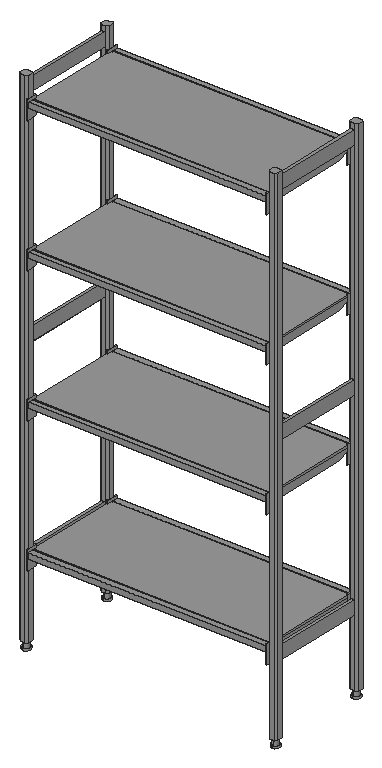
Revit family "QF_ELECTROLUXPROFESSIONAL_137011_ALS862", category Attrezzature speciali, Revit 2020
Family settings
  Quota connettore circolare = Usa diametro
  Tipo di parte = Normale
  Basato su piano di lavoro = No
  Sempre verticale = Sì
  Taglio con vuoti quando caricato = No
  Condiviso = No
  Punto di calcolo locali = No
Parameters (values of type "Standard")
  Weight = 17.00 kg
  Watts = 0 W
  Volts = 0 V
  URL Manufacturer = "https://www.electroluxprofessional.com/"
  URL = "https://www.electroluxprofessional.com/"
  Steam Supply Size = 0 mm
  Steam Supply Minimum Pressure = 0.0 Pa
  Steam Supply Maximum Pressure = 0.0 Pa
  Steam Consumption per Hour = 0
  Refrigeration Suction Line Size = 0.0 mm
  Refrigeration Liquid Line Size = 0.0 mm
  Refrigerant Compressor Remote = yes
  Prospetto di default = 0.0 mm
  Phase = 0
  Modello = "ALS862"
  Produttore = "Electrolux Professional"
  Length Actual = 862.0 mm  # constant formula
  Item Number = "137011"
  Hot Water Size = 0 mm
  Height Actual = 1700.0 mm  # constant formula
  HP = "0 HP"
  Gas Size = 0 mm
  Gas KW = 0
  Gas Input Pressure = 0 W
  Direct Waste Size = 0 mm
  Descrizione = "ALUM.LINEAR SHELV.-POLY.TIERS-373X862MM"
  Depth Actual = 373.0 mm  # constant formula
  Cycle = 0 Hz
  Condensate Return Size = 0 mm
  Compressed Air Volume = 0.0 L/s
  Compressed Air Size = 0 mm
  Compressed Air Pressure = 0.0 Pa
  Cold Water Size = 0 mm
  Accessory = yes
Reference planes
  plane 1: z = 0
  plane 2 "Center (Left/Right)": x = -31
  plane 3 "LEFT": x = -462
  plane 4 "RIGHT": x = 400
  plane 5 "BACK": y = 23
  plane 6 "FRONT": y = -350
  plane 7 "TOP": z = 1700
  plane 8: x = 395
  plane 9: x = -430
  plane 10: x = 368
  plane 11 "Center (Front/Back)": y = -163.5
  plane 12: x = 363
  plane 13: y = -8.5
  plane 14: y = -318.5
  plane 15 "FEET": z = 25
  plane 16: z = 275
  plane 17: z = 725
  plane 18: z = 1175
  plane 19: z = 1625
  plane 20 "CXLeft": x = -448
  plane 21 "CXRight": x = 386
  plane 22: y = 5.5
  plane 23 "CYBack": y = 5.5
  plane 24 "CYFront": y = -332.5
Forms (mm)
  Extrusion 1, solid, material "QF_Aluminum"
    sketch origin (-462, 0, 0) x (0, 1, 0) y (0, 0, 1)
      loop
        line (4, 1650.994) -> (4, 1632.998) -> (23, 1632.998) -> (23, 1650.994) -> (4, 1650.994)
      loop
        line (-331, 1650.994) -> (-350, 1650.994) -> (-350, 1632.998) -> (-331, 1632.998) -> (-331, 1650.994)
      loop
        line (4, 1200.994) -> (4, 1182.998) -> (23, 1182.998) -> (23, 1200.994) -> (4, 1200.994)
      loop
        line (-331, 1200.994) -> (-350, 1200.994) -> (-350, 1182.998) -> (-331, 1182.998) -> (-331, 1200.994)
      loop
        line (4, 750.994) -> (4, 732.998) -> (23, 732.998) -> (23, 750.994) -> (4, 750.994)
      loop
        line (-331, 750.994) -> (-350, 750.994) -> (-350, 732.998) -> (-331, 732.998) -> (-331, 750.994)
      loop
        line (4, 300.994) -> (4, 282.998) -> (23, 282.998) -> (23, 300.994) -> (4, 300.994)
      loop
        line (-331, 300.994) -> (-350, 300.994) -> (-350, 282.998) -> (-331, 282.998) -> (-331, 300.994)
    from 32 to 830
  Extrusion 2, solid, material "QF_Polyethylene"
    sketch origin (-462, 0, 0) x (0, 1, 0) y (0, 0, 1)
      loop
        line (2.007, 1650.994) -> (-329, 1650.994) -> (-329, 1644.496) -> (2.007, 1644.496) -> (2.007, 1650.994)
      loop
        line (2.007, 1200.994) -> (-329, 1200.994) -> (-329, 1194.496) -> (2.007, 1194.496) -> (2.007, 1200.994)
      loop
        line (2.007, 750.994) -> (-329, 750.994) -> (-329, 744.496) -> (2.007, 744.496) -> (2.007, 750.994)
      loop
        line (2.007, 300.994) -> (-329, 300.994) -> (-329, 294.496) -> (2.007, 294.496) -> (2.007, 300.994)
    from 32 to 830
  Extrusion 3, solid, material "QF_Aluminum"
    sketch origin (400, 0, 0) x (0, 1, 0) y (0, 0, 1)
      loop
        line (-12, 1632.998) -> (4, 1632.998) -> (4, 1650.994) -> (2.007, 1650.994) -> (2.007, 1644.496) -> (-329, 1644.496) -> (-329, 1650.994) -> (-331, 1650.994) -> (-331, 1632.998) -> (-315, 1632.998) -> (-281, 1620.994) -> (-46, 1620.994) -> (-12, 1632.998)
      loop
        line (-12, 1182.998) -> (4, 1182.998) -> (4, 1200.994) -> (2.007, 1200.994) -> (2.007, 1194.496) -> (-329, 1194.496) -> (-329, 1200.994) -> (-331, 1200.994) -> (-331, 1182.998) -> (-315, 1182.998) -> (-281, 1170.994) -> (-46, 1170.994) -> (-12, 1182.998)
      loop
        line (-12, 732.998) -> (4, 732.998) -> (4, 750.994) -> (2.007, 750.994) -> (2.007, 744.496) -> (-329, 744.496) -> (-329, 750.994) -> (-331, 750.994) -> (-331, 732.998) -> (-315, 732.998) -> (-281, 720.994) -> (-46, 720.994) -> (-12, 732.998)
      loop
        line (-12, 282.998) -> (4, 282.998) -> (4, 300.994) -> (2.007, 300.994) -> (2.007, 294.496) -> (-329, 294.496) -> (-329, 300.994) -> (-331, 300.994) -> (-331, 282.998) -> (-315, 282.998) -> (-281, 270.994) -> (-46, 270.994) -> (-12, 282.998)
    from -32 to -37
Lines and regions (mm)
  symbolic lines
    curve 1: line (368, 4, 1700) -> (-430, 4, 1700)
    curve 2: line (-434, 23, 1700) -> (372, 23, 1700)
    curve 3: line (372, 13.246, 1700) -> (378.254, 19.5, 1700)
    curve 4: line (378.254, -8.5, 1700) -> (372, -2.246, 1700)
    curve 5: line (378.254, -318.5, 1700) -> (372, -324.754, 1700)
    curve 6: line (-434, -350, 1700) -> (372, -350, 1700)
    curve 7: line (372, 23, 1700) -> (372, -12.993, 1700)
    curve 8: line (372, -12.993, 1700) -> (368, -12.993, 1700)
    curve 9: line (372, -350, 1700) -> (372, -314.007, 1700)
    curve 10: line (372, -314.007, 1700) -> (368, -314.007, 1700)
    curve 11: line (-430, -12.993, 1700) -> (-430, -314.007, 1700)
    curve 12: line (-430, -331, 1700) -> (368, -331, 1700)
    curve 13: line (368, -12.993, 1700) -> (368, -314.007, 1700)
Dimensions and locks
  locked: plane 3 "LEFT" to plane 4 "RIGHT" at 862
  equal spacing: plane 3 "LEFT", plane 2 "Center (Left/Right)", plane 4 "RIGHT"
  locked: plane 7 "TOP" to level at 1700
  locked: plane 5 "BACK" to plane 6 "FRONT" at 373
  locked: plane 4 "RIGHT" to plane 8 at 5
  locked: plane 9 to plane 10 at 798
  locked: plane 3 "LEFT" to plane 9 at 32
  plane 12 to plane 10 = 5.0 mm
  locked: plane 13 to plane 14 at 310
  equal spacing: plane 13, plane 11 "Center (Front/Back)", plane 14
  equal spacing: plane 5 "BACK", plane 11 "Center (Front/Back)", plane 6 "FRONT"
  plane 15 "FEET" to level = 25.0 mm
  plane 7 "TOP" to plane 15 "FEET" = 1675.0 mm
  plane 16 to plane 15 "FEET" = 250.0 mm
  plane 17 to plane 16 = 450.0 mm
  plane 18 to plane 17 = 450.0 mm
  plane 19 to plane 18 = 450.0 mm
  locked: plane 3 "LEFT" to plane 20 "CXLeft" at 14
  locked: plane 21 "CXRight" to plane 4 "RIGHT" at 14
  locked: plane 5 "BACK" to plane 23 "CYBack" at 17.5
  locked: plane 24 "CYFront" to plane 6 "FRONT" at 17.5
  aligned and locked: level to plane 1
  aligned and locked: plane 9 to Extrusion 2
  aligned and locked: Extrusion 2 to plane 10
  aligned and locked: plane 9 to Extrusion 1
  aligned and locked: Extrusion 1 to plane 10
  aligned and locked: Extrusion 1 sketch curve to Extrusion 1 sketch curve  (x2)
  aligned and locked: Extrusion 3 sketch curve to Extrusion 3 sketch curve  (x3)
  aligned and locked: Extrusion 3 to plane 12
  aligned and locked: Extrusion 3 to plane 10
  aligned and locked: plane 20 "CXLeft" to nested 1
  aligned and locked: plane 21 "CXRight" to nested 2
Automatic sketch dimensions
  Extrusion 1 sketch curve to plane 6 "FRONT" = 0.0 mm  (x4)
  Extrusion 1 sketch curve to plane 5 "BACK" = 0.0 mm  (x4)
  plane 24 "CYFront" to Extrusion 1 sketch curve = 1.5 mm  (x2)
  plane 22 to Extrusion 1 sketch curve = 1.5 mm  (x4)
  plane 16 to Extrusion 1 sketch curve = 7.998 mm  (x2)
  Extrusion 1 sketch curve to Extrusion 1 sketch curve = 17.997 mm  (x8)
  plane 17 to Extrusion 1 sketch curve = 7.998 mm  (x2)
  plane 18 to Extrusion 1 sketch curve = 7.998 mm  (x2)
  plane 19 to Extrusion 1 sketch curve = 7.998 mm  (x2)
  plane 24 "CYFront" to Extrusion 2 sketch curve = 3.5 mm  (x4)
  plane 22 to Extrusion 2 sketch curve = 3.493 mm  (x4)
  plane 16 to Extrusion 2 sketch curve = 19.496 mm
  Extrusion 2 sketch curve to Extrusion 2 sketch curve = 6.499 mm  (x4)
  plane 17 to Extrusion 2 sketch curve = 19.496 mm
  plane 18 to Extrusion 2 sketch curve = 19.496 mm
  plane 19 to Extrusion 2 sketch curve = 19.496 mm
  plane 24 "CYFront" to Extrusion 3 sketch curve = 1.5 mm  (x4)
  Extrusion 3 sketch curve to Extrusion 3 sketch curve = 2.0 mm
  plane 14 to Extrusion 3 sketch curve = 3.5 mm  (x4)
  Extrusion 3 sketch curve to plane 16 = 4.006 mm
  Extrusion 3 sketch curve to Extrusion 3 sketch curve = 34.0 mm  (x4)
  Extrusion 3 sketch curve to plane 17 = 4.006 mm
  Extrusion 3 sketch curve to plane 18 = 4.006 mm
  Extrusion 3 sketch curve to plane 19 = 4.006 mm
  Extrusion 3 sketch curve to plane 13 = 37.5 mm  (x4)
  Extrusion 3 sketch curve to plane 13 = 3.5 mm  (x4)
  plane 22 to Extrusion 3 sketch curve = 3.493 mm  (x4)
  plane 22 to Extrusion 3 sketch curve = 1.5 mm  (x4)
  plane 16 to Extrusion 3 sketch curve = 7.998 mm  (x2)
  Extrusion 3 sketch curve to Extrusion 3 sketch curve = 11.498 mm  (x4)
  Extrusion 3 sketch curve to Extrusion 3 sketch curve = 6.499 mm  (x8)
  plane 17 to Extrusion 3 sketch curve = 7.998 mm  (x2)
  plane 18 to Extrusion 3 sketch curve = 7.998 mm  (x2)
  plane 19 to Extrusion 3 sketch curve = 7.998 mm  (x2)
  curve 6 to plane 6 "FRONT" = 0.0 mm
  curve 12 to plane 9 = 0.0 mm
  curve 12 to plane 10 = 0.0 mm
  curve 5 to plane 14 = 0.0 mm
  curve 11 to plane 9 = 0.0 mm
  curve 8 to plane 10 = 0.0 mm
  curve 4 to plane 13 = 0.0 mm
  curve 1 to plane 9 = 0.0 mm
  curve 1 to plane 10 = 0.0 mm
  curve 2 to plane 5 "BACK" = 0.0 mm
  plane 14 to curve 10 = 4.493 mm
  curve 7 to plane 13 = 4.493 mm
  curve 10 to plane 10 = 4.0 mm
  curve 7 to plane 10 = 4.0 mm
  plane 24 "CYFront" to curve 12 = 1.5 mm
  curve 5 to plane 14 = 6.254 mm
  plane 14 to curve 11 = 4.493 mm
  curve 11 to plane 13 = 4.493 mm
  plane 13 to curve 4 = 6.254 mm
  plane 22 to curve 1 = 1.5 mm
  curve 3 to plane 22 = 7.746 mm
  curve 3 to plane 5 "BACK" = 3.5 mm
  curve 5 to curve 9 = 6.254 mm
  curve 3 to curve 2 = 6.254 mm
  curve 4 to curve 7 = 6.254 mm
  plane 9 to curve 2 = 4.0 mm
  plane 9 to curve 6 = 4.0 mm
Nested families
  nested 1: "WT_Anta373" at (-45, 0, 0), type "WT_Anta373"
  nested 2: "WT_Anta373" at (-17, 0, 0) x (-1, 0, 0) z (0, 0, 1), type "WT_Anta373"
Definition of nested family "WT_Anta373"
  Parameters
    WidthLeft = A + 64.0 mm  # 772.0 mm
    Width = 1606.0 mm
    Right = WidthLeft / 2  # 386.0 mm
    Default Elevation = 0.0 mm
    Left = -WidthLeft / 2  # -386.0 mm
    Height = 1725.0 mm
    FEET = 25.0 mm
    E = 0.0 mm
    Dint = Depth - 63.0 mm  # 310.0 mm
    Dext = Depth - 8.0 mm  # 365.0 mm
    Depth = 373.0 mm
    DX = (WidthLeft - A) / 2  # 32.0 mm
    B = 798.0 mm
    A = 708.0 mm
  Reference planes
    plane 1: z = 0
    plane 2 "LEFT": x = -417
    plane 3 "BACK": y = 23
    plane 4 "FRONT": y = -350
    plane 5 "TOP": z = 1725
    plane 6 "Center (Front/Back)": y = -163.5
    plane 7: y = -8.5
    plane 8: y = -318.5
    plane 9 "FEET": z = 25
    plane 10: z = 275
    plane 11: z = 725
    plane 12: z = 1175
    plane 13: z = 1625
    plane 14 "CXLeft": x = -403
    plane 15: y = 5.5
    plane 16 "CYBack": y = 5.5
    plane 17 "CYFront": y = -332.5
    plane 18: x = -385.031
    plane 19: x = -380.031
  Forms (mm)
    Extrusion 1, solid
      sketch origin (0, 0, 0) x (1, 0, 0) y (0, 1, 0)
        loop
          line (-417, 13.246) -> (-417, -2.246) -> (-410.746, -8.5) -> (-395.254, -8.5) -> (-389, -2.246) -> (-389, 13.246) -> (-395.254, 19.5) -> (-410.746, 19.5) -> (-417, 13.246)
      from 1725 to 25
    Extrusion 2, solid
      sketch origin (-417, 0, 0) x (0, 1, 0) y (0, 0, 1)
        loop
          line (23, 246.005) -> (23, 307.993) -> (-12.993, 307.993) -> (-12.993, 246.005) -> (23, 246.005)
        loop
          line (-350, 246.005) -> (-314.007, 246.005) -> (-314.007, 307.993) -> (-350, 307.993) -> (-350, 246.005)
        loop
          line (23, 696.005) -> (23, 757.993) -> (-12.993, 757.993) -> (-12.993, 696.005) -> (23, 696.005)
        loop
          line (-350, 696.005) -> (-314.007, 696.005) -> (-314.007, 757.993) -> (-350, 757.993) -> (-350, 696.005)
        loop
          line (23, 1146.005) -> (23, 1207.993) -> (-12.993, 1207.993) -> (-12.993, 1146.005) -> (23, 1146.005)
        loop
          line (-350, 1146.005) -> (-314.007, 1146.005) -> (-314.007, 1207.993) -> (-350, 1207.993) -> (-350, 1146.005)
        loop
          line (23, 1596.005) -> (23, 1657.993) -> (-12.993, 1657.993) -> (-12.993, 1596.005) -> (23, 1596.005)
        loop
          line (-350, 1596.005) -> (-314.007, 1596.005) -> (-314.007, 1657.993) -> (-350, 1657.993) -> (-350, 1596.005)
      from 28 to 32
    Revolve 3, solid
      sketch origin (-403, 0, 0) x (0, 1, 0) y (0, 0, 1)
        loop
          line (5.5, 25) -> (5.5, 0) -> (19, 0) -> (19, 5) -> (14, 5) -> (14, 25) -> (5.5, 25)
        axis (5.5, 25) -> (5.5, 0)
      angle from 0 to 360
    Extrusion 4, solid
      sketch origin (-403, 0, 0) x (0, 1, 0) y (0, 0, 1)
        loop
          line (-8.5, 912.382) -> (-8.5, 957.374) -> (-318.5, 957.374) -> (-318.5, 912.382) -> (-8.5, 912.382)
        loop
          line (-8.5, 1662.244) -> (-8.5, 1707.236) -> (-318.5, 1707.236) -> (-318.5, 1662.244) -> (-8.5, 1662.244)
      from -5 to 5
    Revolve 5, solid
      sketch origin (-403, -627, 0) x (0, -1, 0) y (0, 0, 1)
        loop
          line (-294.5, 25) -> (-294.5, 0) -> (-281, 0) -> (-281, 5) -> (-286, 5) -> (-286, 25) -> (-294.5, 25)
        axis (-294.5, 25) -> (-294.5, 0)
      angle from 0 to 360
    Extrusion 6, solid
      sketch origin (0, -627, 0) x (1, 0, 0) y (0, 1, 0)
        loop
          line (-417, 286.754) -> (-410.746, 280.5) -> (-395.254, 280.5) -> (-389, 286.754) -> (-389, 302.246) -> (-395.254, 308.5) -> (-410.746, 308.5) -> (-417, 302.246) -> (-417, 286.754)
      from 1725 to 25
    Extrusion 7, solid
      sketch origin (-417.031, -0.022, 0) x (0, 1, 0) y (0, 0, -1)
        loop
          line (-12, -1632.998) -> (-46, -1620.994) -> (-281, -1620.994) -> (-315, -1632.998) -> (-331, -1632.998) -> (-331, -1650.994) -> (-329, -1650.994) -> (-329, -1644.496) -> (2.007, -1644.496) -> (2.007, -1650.994) -> (4, -1650.994) -> (4, -1632.998) -> (-12, -1632.998)
        loop
          line (-12, -1182.998) -> (-46, -1170.994) -> (-281, -1170.994) -> (-315, -1182.998) -> (-331, -1182.998) -> (-331, -1200.994) -> (-329, -1200.994) -> (-329, -1194.496) -> (2.007, -1194.496) -> (2.007, -1200.994) -> (4, -1200.994) -> (4, -1182.998) -> (-12, -1182.998)
        loop
          line (-12, -732.998) -> (-46, -720.994) -> (-281, -720.994) -> (-315, -732.998) -> (-331, -732.998) -> (-331, -750.994) -> (-329, -750.994) -> (-329, -744.496) -> (2.007, -744.496) -> (2.007, -750.994) -> (4, -750.994) -> (4, -732.998) -> (-12, -732.998)
        loop
          line (-12, -282.998) -> (-46, -270.994) -> (-281, -270.994) -> (-315, -282.998) -> (-331, -282.998) -> (-331, -300.994) -> (-329, -300.994) -> (-329, -294.496) -> (2.007, -294.496) -> (2.007, -300.994) -> (4, -300.994) -> (4, -282.998) -> (-12, -282.998)
      from -32 to -37
    Extrusion 8, solid
      sketch origin (-403, 0, -659.878) x (0, 1, 0) y (0, 0, 1)
        loop
          line (-8.5, 912.382) -> (-8.5, 957.374) -> (-318.5, 957.374) -> (-318.5, 912.382) -> (-8.5, 912.382)
        loop
          line (-8.5, 1572.382) -> (-8.5, 1617.374) -> (-318.5, 1617.374) -> (-318.5, 1572.382) -> (-8.5, 1572.382)
        loop
          line (-8.5, 2322.382) -> (-8.5, 2367.374) -> (-318.5, 2367.374) -> (-318.5, 2322.382) -> (-8.5, 2322.382)
      from -5 to 5
  Lines and regions (mm)
    symbolic lines
      curve 1: line (-408, -8.5, 1725) -> (-408, -318.5, 1725)
      curve 2: line (-398, -318.5, 1725) -> (-398, -8.5, 1725)
      curve 3: line (-395.254, -8.5, 1725) -> (-410.746, -8.5, 1725)
      curve 4: line (-417, -2.246, 1725) -> (-410.746, -8.5, 1725)
      curve 5: line (-417, 13.246, 1725) -> (-417, -2.246, 1725)
      curve 6: line (-410.746, 19.5, 1725) -> (-417, 13.246, 1725)
      curve 7: line (-395.254, 19.5, 1725) -> (-410.746, 19.5, 1725)
      curve 8: line (-389, 13.246, 1725) -> (-395.254, 19.5, 1725)
      curve 9: line (-395.254, -8.5, 1725) -> (-389, -2.246, 1725)
      curve 10: line (-395.254, -318.5, 1725) -> (-410.746, -318.5, 1725)
      curve 11: line (-417, -324.754, 1725) -> (-410.746, -318.5, 1725)
      curve 12: line (-410.746, -346.5, 1725) -> (-417, -340.246, 1725)
      curve 13: line (-395.254, -346.5, 1725) -> (-410.746, -346.5, 1725)
      curve 14: line (-389, -340.246, 1725) -> (-395.254, -346.5, 1725)
      curve 15: line (-395.254, -318.5, 1725) -> (-389, -324.754, 1725)
      curve 16: line (-389, -350, 1725) -> (-389, -314.007, 1725)
      curve 17: line (-389, -314.007, 1725) -> (-385, -314.007, 1725)
      curve 18: line (-389, 23, 1725) -> (-389, -12.993, 1725)
      curve 19: line (-389, -12.993, 1725) -> (-385, -12.993, 1725)
      curve 20: line (-417, -324.754, 1725) -> (-417, -340.246, 1725)
      curve 21: line (-385, -350, 1725) -> (-385, -314.007, 1725)
      curve 22: line (-385, -350, 1725) -> (-389, -350, 1725)
      curve 23: line (-385, 23, 1725) -> (-389, 23, 1725)
      curve 24: line (-385, -12.993, 1725) -> (-385, 23, 1725)
      curve 25: line (-385.031, -13.016, 1725) -> (-385.031, -314.029, 1725)
  Dimensions and locks
    "Height": plane 5 "TOP" to level
    "Depth": plane 3 "BACK" to plane 4 "FRONT"
    "Dint": plane 7 to plane 8
    equal spacing: plane 7, plane 6 "Center (Front/Back)", plane 8
    equal spacing: plane 3 "BACK", plane 6 "Center (Front/Back)", plane 4 "FRONT"
    plane 9 "FEET" to level = 25.0 mm
    plane 5 "TOP" to plane 9 "FEET" = 1700.0 mm
    plane 10 to plane 9 "FEET" = 250.0 mm
    plane 11 to plane 10 = 450.0 mm
    plane 12 to plane 11 = 450.0 mm
    plane 13 to plane 12 = 450.0 mm
    locked: plane 2 "LEFT" to plane 14 "CXLeft" at 14
    locked: plane 3 "BACK" to plane 16 "CYBack" at 17.5
    locked: plane 17 "CYFront" to plane 4 "FRONT" at 17.5
    locked: Revolve 3 sketch curve to Revolve 3 sketch curve at 8.5
    locked: Revolve 3 sketch curve to plane 16 "CYBack" at 13.5
    locked: Revolve 5 sketch curve to Revolve 5 sketch curve at 8.5
    aligned and locked: level to plane 1
    aligned and locked: curve 20 to Extrusion 6
    aligned and locked: plane 5 "TOP" to Extrusion 1
    aligned and locked: plane 5 "TOP" to Extrusion 6
    aligned and locked: Extrusion 7 sketch curve to Extrusion 7 sketch curve  (x3)
  Automatic sketch dimensions
    curve 16 to plane 4 "FRONT" = 0.0 mm
    curve 11 to plane 8 = 0.0 mm
    curve 9 to plane 7 = 0.0 mm
    curve 5 to plane 2 "LEFT" = 0.0 mm
    curve 23 to plane 3 "BACK" = 0.0 mm
    plane 4 "FRONT" to curve 13 = 3.5 mm
    curve 20 to plane 17 "CYFront" = 7.746 mm
    curve 20 to plane 8 = 6.254 mm
    plane 8 to curve 16 = 4.493 mm
    curve 24 to plane 18 = 0.031 mm
    curve 24 to plane 7 = 4.493 mm
    plane 7 to curve 5 = 6.254 mm
    curve 5 to plane 15 = 7.746 mm
    curve 6 to plane 3 "BACK" = 3.5 mm
    curve 21 to plane 18 = 0.031 mm
    plane 18 to curve 23 = 3.969 mm
    plane 18 to curve 16 = 3.969 mm
    curve 18 to curve 8 = 6.254 mm
    curve 18 to curve 3 = 6.254 mm
    curve 16 to curve 13 = 6.254 mm
    curve 16 to curve 15 = 6.254 mm
    plane 2 "LEFT" to curve 10 = 6.254 mm
    plane 2 "LEFT" to curve 7 = 6.254 mm
    plane 2 "LEFT" to curve 12 = 6.254 mm
    plane 2 "LEFT" to curve 3 = 6.254 mm
    curve 14 to plane 17 "CYFront" = 7.746 mm
    curve 15 to plane 8 = 6.254 mm
    plane 7 to curve 9 = 6.254 mm
    curve 8 to plane 15 = 7.746 mm
    curve 3 to curve 2 = 2.746 mm
    curve 1 to curve 10 = 2.746 mm
    Extrusion 1 sketch curve to plane 2 "LEFT" = 0.0 mm
    Extrusion 1 sketch curve to plane 7 = 0.0 mm
    plane 2 "LEFT" to Extrusion 1 sketch curve = 6.254 mm  (x2)
    plane 14 "CXLeft" to Extrusion 1 sketch curve = 7.746 mm  (x2)
    Extrusion 1 sketch curve to plane 3 "BACK" = 3.5 mm
    plane 18 to Extrusion 1 sketch curve = 3.969 mm
    plane 7 to Extrusion 1 sketch curve = 6.254 mm  (x2)
    Extrusion 1 sketch curve to plane 15 = 7.746 mm  (x2)
    Extrusion 2 sketch curve to plane 4 "FRONT" = 0.0 mm  (x4)
    Extrusion 2 sketch curve to plane 3 "BACK" = 0.0 mm  (x4)
    plane 8 to Extrusion 2 sketch curve = 4.493 mm  (x4)
    Extrusion 2 sketch curve to plane 7 = 4.493 mm  (x4)
    Extrusion 2 sketch curve to plane 10 = 28.995 mm  (x2)
    plane 10 to Extrusion 2 sketch curve = 32.993 mm  (x2)
    Extrusion 2 sketch curve to plane 11 = 28.995 mm  (x2)
    plane 11 to Extrusion 2 sketch curve = 32.993 mm  (x2)
    Extrusion 2 sketch curve to plane 12 = 28.995 mm  (x2)
    plane 12 to Extrusion 2 sketch curve = 32.993 mm  (x2)
    Extrusion 2 sketch curve to plane 13 = 28.995 mm  (x2)
    plane 13 to Extrusion 2 sketch curve = 32.993 mm  (x2)
    Revolve 3 sketch curve to plane 9 "FEET" = 0.0 mm  (x2)
    Revolve 3 sketch curve to plane 15 = 0.0 mm  (x2)
    Revolve 3 sketch curve to level = 0.0 mm
    level to Revolve 3 sketch curve = 5.0 mm
    Revolve 3 sketch curve to Revolve 3 sketch curve = 11.655 mm
    Extrusion 4 sketch curve to plane 8 = 0.0 mm  (x2)
    Extrusion 4 sketch curve to plane 7 = 0.0 mm  (x2)
    plane 11 to Extrusion 4 sketch curve = 187.382 mm
    Extrusion 4 sketch curve to Extrusion 4 sketch curve = 44.992 mm
    plane 13 to Extrusion 4 sketch curve = 37.244 mm
    Extrusion 4 sketch curve to plane 5 "TOP" = 17.764 mm
    Revolve 5 sketch curve to plane 9 "FEET" = 0.0 mm  (x2)
    Revolve 5 sketch curve to plane 17 "CYFront" = 0.0 mm  (x2)
    Revolve 5 sketch curve to level = 0.0 mm
    Revolve 5 sketch curve to plane 4 "FRONT" = 4.0 mm
    Revolve 5 sketch curve to Revolve 5 sketch curve = 5.0 mm
    level to Revolve 5 sketch curve = 11.655 mm
    Extrusion 6 sketch curve to plane 2 "LEFT" = 0.0 mm
    Extrusion 6 sketch curve to plane 8 = 0.0 mm
    Extrusion 6 sketch curve to plane 2 "LEFT" = 6.254 mm  (x2)
    Extrusion 6 sketch curve to plane 14 "CXLeft" = 7.746 mm  (x2)
    Extrusion 6 sketch curve to plane 4 "FRONT" = 3.5 mm
    Extrusion 6 sketch curve to plane 18 = 3.969 mm
    plane 8 to Extrusion 6 sketch curve = 6.254 mm  (x2)
    plane 17 "CYFront" to Extrusion 6 sketch curve = 7.746 mm  (x2)
    plane 17 "CYFront" to Extrusion 7 sketch curve = 1.478 mm  (x4)
    Extrusion 7 sketch curve to Extrusion 7 sketch curve = 2.0 mm
    plane 8 to Extrusion 7 sketch curve = 3.478 mm  (x4)
    Extrusion 7 sketch curve to plane 10 = 4.006 mm
    Extrusion 7 sketch curve to Extrusion 7 sketch curve = 34.0 mm  (x4)
    Extrusion 7 sketch curve to plane 11 = 4.006 mm
    Extrusion 7 sketch curve to plane 12 = 4.006 mm
    Extrusion 7 sketch curve to plane 13 = 4.006 mm
    Extrusion 7 sketch curve to plane 7 = 37.522 mm  (x4)
    Extrusion 7 sketch curve to plane 7 = 3.522 mm  (x4)
    plane 15 to Extrusion 7 sketch curve = 3.516 mm  (x4)
    plane 15 to Extrusion 7 sketch curve = 1.522 mm  (x4)
    plane 13 to Extrusion 7 sketch curve = 7.998 mm  (x2)
    Extrusion 7 sketch curve to Extrusion 7 sketch curve = 11.498 mm
    Extrusion 7 sketch curve to Extrusion 7 sketch curve = 6.499 mm  (x5)
    plane 12 to Extrusion 7 sketch curve = 25.994 mm  (x2)
    plane 12 to Extrusion 7 sketch curve = 7.998 mm  (x2)
    plane 11 to Extrusion 7 sketch curve = 25.994 mm  (x2)
    plane 11 to Extrusion 7 sketch curve = 7.998 mm  (x2)
    plane 10 to Extrusion 7 sketch curve = 25.994 mm  (x2)
    plane 10 to Extrusion 7 sketch curve = 7.998 mm  (x2)
    curve 25 to plane 18 = 0.0 mm
    plane 8 to curve 25 = 4.471 mm
    curve 25 to plane 7 = 4.516 mm
    Extrusion 8 sketch curve to plane 8 = 0.0 mm  (x3)
    Extrusion 8 sketch curve to plane 7 = 0.0 mm  (x3)
    Extrusion 8 sketch curve to plane 10 = 22.496 mm
    plane 10 to Extrusion 8 sketch curve = 22.496 mm
    plane 11 to Extrusion 8 sketch curve = 187.504 mm
    Extrusion 8 sketch curve to Extrusion 8 sketch curve = 44.992 mm
    plane 13 to Extrusion 8 sketch curve = 37.504 mm
    Extrusion 8 sketch curve to plane 5 "TOP" = 17.504 mm
